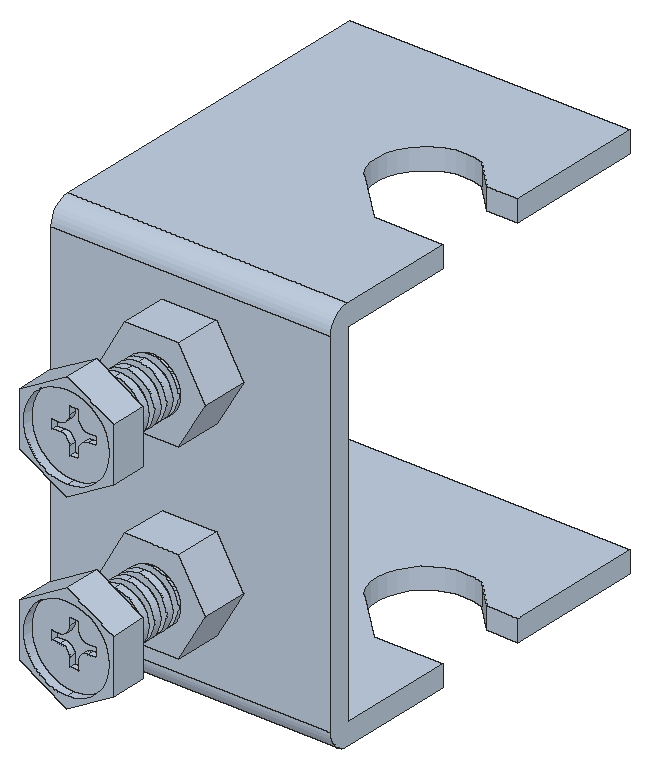
Revit family "CHH", category 機械設備, Revit 2020
Family settings
  丸型コネクタ寸法 = 直径を使用
  パーツ タイプ = 標準
  OmniClass 番号 = 23.75.00.00
  OmniClass タイトル = Climate Control (HVAC)
  作業面ベース = いいえ
  常に垂直 = はい
  ロード時にボイドで切り取り = いいえ
  共有 = いいえ
  部屋計算ポイント = いいえ
Parameters (values of type "ﾁｬﾝﾈﾙﾎﾙﾀﾞｰ(両ねじ) C38x1.2")
  ﾅｯﾄ ﾏﾃﾘｱﾙ = 電気亜鉛メッキ
  ﾁｬﾝﾈﾙﾎﾙﾀﾞｰ ﾏﾃﾘｱﾙ = 溶融亜鉛メッキ
  野縁受けt = 1.2 mm
  既定の高さ = 0 mm
  Mﾋﾞｽ ﾏﾃﾘｱﾙ = 電気亜鉛メッキ
Types (3, lengths in mm): name | 野縁受けt
  (no name) | 1.2
  ﾁｬﾝﾈﾙﾎﾙﾀﾞｰ(両ねじ) C38x1.2 | 1.2
  ﾁｬﾝﾈﾙﾎﾙﾀﾞｰ(両ねじ) C38x1.6 | 1.6
Reference planes
  plane 1 "中心(正面/背面)": y = 0
  plane 2: z = 0
  plane 3 "中心(左/右)": x = 0
  plane 4: x = -6.676
  plane 5: z = 30.3
  plane 6: z = 10
  plane 7: z = -2.3
  plane 8: z = 40.3
  plane 9: y = -5.7
  plane 10: y = -23.25
  plane 11: y = -20.95
  plane 12: y = 16.75
  plane 13: y = -4.5
Forms (mm)
  Extrusion 1, solid, material "溶融亜鉛メッキ" <- "ﾁｬﾝﾈﾙﾎﾙﾀﾞｰ ﾏﾃﾘｱﾙ"
    sketch origin (0, 0, 0) x (1, 0, 0) y (0, 1, 0)
      loop
        line (2.331, 4.59) -> (5.17, 1.75) -> (8.486, 1.75) -> (8.486, 16.75) -> (-21.514, 16.75) -> (-21.514, -20.95) -> (8.486, -20.95) -> (8.486, -8.25) -> (1.028, -8.25) -> (-4.242, -2.98)
        arc (-4.242, -2.98) -> (-3.773, 3.251) -> (2.331, 4.59) r 5.232
    from 38 to 40.3
  Extrusion 2, solid, material "溶融亜鉛メッキ" <- "ﾁｬﾝﾈﾙﾎﾙﾀﾞｰ ﾏﾃﾘｱﾙ"
    sketch origin (0, 0, -40.3) x (1, 0, 0) y (0, 1, 0)
      loop
        line (2.331, 4.59) -> (5.17, 1.75) -> (8.486, 1.75) -> (8.486, 16.75) -> (-21.514, 16.75) -> (-21.514, -20.95) -> (8.486, -20.95) -> (8.486, -8.25) -> (1.028, -8.25) -> (-4.242, -2.98)
        arc (-4.242, -2.98) -> (-3.773, 3.251) -> (2.331, 4.59) r 5.232
    from 38 to 40.3
  Extrusion 3, solid, material "溶融亜鉛メッキ" <- "ﾁｬﾝﾈﾙﾎﾙﾀﾞｰ ﾏﾃﾘｱﾙ"
    sketch origin (0, 0, 0) x (0, 1, 0) y (0, 0, 1)
      loop
        arc (-20.95, 40.3) -> (-22.576, 39.626) -> (-23.25, 38) r 2.3
        line (-23.25, 38) -> (-23.25, 0)
        arc (-23.25, 0) -> (-22.576, -1.626) -> (-20.95, -2.3) r 2.3
        line (-20.95, -2.3) -> (-20.95, 40.3)
    from -21.5 to 8.5
  Extrusion 4, solid, material "電気亜鉛メッキ" <- "ﾅｯﾄ ﾏﾃﾘｱﾙ"
    sketch origin (0, 0, 0) x (1, 0, 0) y (0, 0, 1)
      loop
        line (-9.563, 35.3) -> (-12.449, 30.3) -> (-9.563, 25.3) -> (-3.789, 25.3) -> (-0.902, 30.3) -> (-3.789, 35.3) -> (-9.563, 35.3)
      loop
        line (-9.563, 15) -> (-12.449, 10) -> (-9.563, 5) -> (-3.789, 5) -> (-0.902, 10) -> (-3.789, 15) -> (-9.563, 15)
    from 23.25 to 28.25
Cuts and joins
  joined: Extrusion 1, Extrusion 2, Extrusion 3
Dimensions and locks
  plane 10 to plane 11 to plane 1 "中心(正面/背面)" to plane 12 = 2.3 mm locked, 20.95 mm locked, 16.75 mm locked
  locked: plane 13 to plane 1 "中心(正面/背面)" at 4.5
  "野縁受けt": plane 9 to plane 13
  aligned and locked: level to plane 2
  aligned and locked: plane 10 to cut or joined group of Extrusion 1, Extrusion 2, Extrusion 3
  aligned and locked: plane 11 to cut or joined group of Extrusion 1, Extrusion 2, Extrusion 3
  aligned and locked: plane 12 to cut or joined group of Extrusion 1, Extrusion 2, Extrusion 3  (x2)
  aligned and locked: plane 9 to nested 2
  aligned and locked: plane 9 to nested 1
Automatic sketch dimensions
  Extrusion 1 sketch curve to plane 11 = 0 mm
  Extrusion 1 sketch curve to plane 12 = 0 mm
  Extrusion 1 sketch curve to plane 4 = 14.838 mm
  plane 4 to Extrusion 1 sketch curve = 2.434 mm
  plane 3 "中心(左/右)" to Extrusion 1 sketch curve = 0.178 mm
  plane 3 "中心(左/右)" to Extrusion 1 sketch curve = 1.028 mm
  plane 3 "中心(左/右)" to Extrusion 1 sketch curve = 2.331 mm
  Extrusion 1 sketch curve to plane 1 "中心(正面/背面)" = 1.75 mm
  Extrusion 1 sketch curve to Extrusion 1 sketch curve = 2.84 mm
  plane 3 "中心(左/右)" to Extrusion 1 sketch curve = 8.486 mm  (x2)
  Extrusion 1 sketch curve to plane 13 = 3.75 mm
  plane 13 to Extrusion 1 sketch curve = 1.52 mm
  plane 1 "中心(正面/背面)" to Extrusion 1 sketch curve = 0.179 mm
  Extrusion 2 sketch curve to plane 11 = 0 mm
  Extrusion 2 sketch curve to plane 12 = 0 mm
  Extrusion 2 sketch curve to plane 4 = 14.838 mm
  plane 4 to Extrusion 2 sketch curve = 2.434 mm
  plane 3 "中心(左/右)" to Extrusion 2 sketch curve = 0.178 mm
  plane 3 "中心(左/右)" to Extrusion 2 sketch curve = 1.028 mm
  plane 3 "中心(左/右)" to Extrusion 2 sketch curve = 2.331 mm
  Extrusion 2 sketch curve to plane 1 "中心(正面/背面)" = 1.75 mm
  Extrusion 2 sketch curve to Extrusion 2 sketch curve = 2.84 mm
  plane 3 "中心(左/右)" to Extrusion 2 sketch curve = 8.486 mm  (x2)
  Extrusion 2 sketch curve to plane 13 = 3.75 mm
  plane 13 to Extrusion 2 sketch curve = 1.52 mm
  plane 1 "中心(正面/背面)" to Extrusion 2 sketch curve = 0.179 mm
  Extrusion 3 sketch curve to plane 10 = 0 mm
  Extrusion 3 sketch curve to plane 8 = 0 mm
  Extrusion 3 sketch curve to plane 11 = 0 mm
  Extrusion 3 sketch curve to plane 7 = 0 mm
  Extrusion 4 sketch curve to plane 5 = 0 mm  (x2)
  Extrusion 4 sketch curve to plane 6 = 0 mm  (x2)
  Extrusion 4 sketch curve to plane 4 = 5.774 mm  (x2)
  Extrusion 4 sketch curve to plane 4 = 2.887 mm  (x4)
  plane 4 to Extrusion 4 sketch curve = 2.887 mm  (x4)
  Extrusion 4 sketch curve to plane 3 "中心(左/右)" = 0.902 mm  (x2)
  level to Extrusion 4 sketch curve = 5 mm
  plane 6 to Extrusion 4 sketch curve = 5 mm
  Extrusion 4 sketch curve to plane 5 = 5 mm
  plane 5 to Extrusion 4 sketch curve = 5 mm
Nested families
  nested 1: "Mﾋﾞｽ" at (-6.676, -35.7, 30.3) x (0, 0, -1) z (0, -1, 0), Mﾋﾞｽ ﾏﾃﾘｱﾙ <- "Mﾋﾞｽ ﾏﾃﾘｱﾙ", type "M6x30"
    with Mﾋﾞｽ ﾏﾃﾘｱﾙ 電気亜鉛メッキ
  nested 2: "Mﾋﾞｽ" at (-6.676, -35.7, 10) x (0, 0, -1) z (0, -1, 0), Mﾋﾞｽ ﾏﾃﾘｱﾙ <- "Mﾋﾞｽ ﾏﾃﾘｱﾙ", type "M6x30"
    with Mﾋﾞｽ ﾏﾃﾘｱﾙ 電気亜鉛メッキ
Definition of nested family "Mﾋﾞｽ"
  Parameters (values of type "M4x10")
    Mﾋﾞｽ ﾏﾃﾘｱﾙ [instance] = none
    ﾋﾞｽ 表示 = yes
    Default Elevation = 0 mm
    ねじ山 = L / 1.6 mm - 1  # 5
    Rビス = 1.2 mm
    M = M4 : M4
    L = 10 mm
  Types (7, lengths in mm): name | ねじ山 | Rビス | M | L
    M4x10 | 5 | 1.2 | M4 : M4 | 10
    M5x20 | 12 | 1.7 | M5 : M5 | 20
    M6x20 | 12 | 2.2 | M6 : M6 | 20
    M6x30 | 18 | 2.2 | M6 : M6 | 30
    M6x40 | 24 | 2.2 | M6 : M6 | 40
    M6x60 | 37 | 2.2 | M6 : M6 | 60
    M6x65 | 40 | 2.2 | M6 : M6 | 65
  Reference planes
    plane 1 "中心(正面/背面)": y = 0
    plane 2: z = 0
    plane 3 "中心(左/右)": x = 0
    plane 4: z = -10
    plane 5: z = -0.8
  Forms (mm)
    Extrusion 1, solid, material <- "Mﾋﾞｽ ﾏﾃﾘｱﾙ", visible <- "ﾋﾞｽ 表示"
      sketch origin (0, 0, 0) x (1, 0, 0) y (0, 1, 0)
        loop
          circle (0, 0) r 1.2
      from 0 to -10
  Dimensions and locks
    "L": level to plane 4
    locked: plane 2 to plane 5 at 0.8
    equal spacing: group 1, group 2, group 3, group 4, group 5  (x2)
    equal spacing: group 5, group 4, group 3, group 2, group 1
    "Rビス": radius of Extrusion 1 sketch curve
    aligned and locked: level to plane 2
    aligned and locked: nested 1 to plane 5
    aligned and locked: plane 4 to Extrusion 1
  Automatic sketch dimensions
    plane 1 "中心(正面/背面)" to Extrusion 1 sketch curve = 0 mm
    Extrusion 1 sketch curve to plane 3 "中心(左/右)" = 0 mm
  Nested families
    nested 1: "ねじ山" at (0, 0, -1.6), visible <- "ﾋﾞｽ 表示", type "ねじ山"
      with 外半径 2 mm, 内半径 1.2 mm
    nested 2: "ねじ山" at (0, 0, -3.2), visible <- "ﾋﾞｽ 表示", type "ねじ山"
      with 外半径 2 mm, 内半径 1.2 mm
    nested 3: "ねじ山" at (0, 0, -4.8), visible <- "ﾋﾞｽ 表示", type "ねじ山"
      with 外半径 2 mm, 内半径 1.2 mm
    nested 4: "ねじ山" at (0, 0, -6.4), visible <- "ﾋﾞｽ 表示", type "ねじ山"
      with 外半径 2 mm, 内半径 1.2 mm
    nested 5: "ねじ山" at (0, 0, -8), visible <- "ﾋﾞｽ 表示", type "ねじ山"
      with 外半径 2 mm, 内半径 1.2 mm
    nested 6: "M4" at (0, 0, 0), type <- "M", visible <- "ﾋﾞｽ 表示", type "M4"
  Definition of nested family "ねじ山"
    Parameters (values of type "ねじ山")
      ねじ山　ﾏﾃﾘｱﾙ = none
      Default Elevation = 0 mm
      外半径 = 内半径 + 0.8 mm  # 2.9 mm
      内半径 = 2.1 mm
      ねじ山 表示 = yes
    Reference planes
      plane 1 "中心(正面/背面)": y = 0
      plane 2: z = 0
      plane 3 "中心(左/右)": x = 0
    Forms (mm)
      Extrusion 1, solid, material <- "ねじ山　ﾏﾃﾘｱﾙ", visible <- "ねじ山 表示"
        sketch origin (0, 0, 0) x (1, 0, 0) y (0, 1, 0)
          loop
            circle (0, 0) r 2.1
          loop
            circle (0, 0) r 2.9
        from 0 to 0.8
    Dimensions and locks
      "内半径": radius of Extrusion 1 sketch curve
      "外半径": radius of Extrusion 1 sketch curve
      aligned and locked: level to plane 2
    Automatic sketch dimensions
      Extrusion 1 sketch curve to Extrusion 1 sketch curve = 0 mm  (x2)
      plane 1 "中心(正面/背面)" to Extrusion 1 sketch curve = 0 mm
      Extrusion 1 sketch curve to plane 3 "中心(左/右)" = 0 mm
  Definition of nested family "M4"
    Parameters
      Default Elevation = 0 mm
      Mﾋﾞｽ ﾏﾃﾘｱﾙ = none
      M4 = yes
    Reference planes
      plane 1 "中心(正面/背面)": y = 0
      plane 2: z = 0
      plane 3 "中心(左/右)": x = 0
    Forms (mm)
      Extrusion 1, void
        sketch origin (0, 0, -1.2) x (1, 0, 0) y (0, 1, 0)
          loop
            circle (0, 0) r 3.1
        from 3 to 4
      Extrusion 2, void
        sketch origin (0, 0, -1.2) x (1, 0, 0) y (0, 1, 0)
          loop
            line (-1.5, 0.5) -> (-2.4, 0.5) -> (-2.4, -0.5) -> (-1.5, -0.5)
            arc (-1.5, -0.5) -> (-0.793, -0.793) -> (-0.5, -1.5) r 1
            line (-0.5, -1.5) -> (-0.5, -2.4) -> (0.5, -2.4) -> (0.5, -1.5)
            arc (0.5, -1.5) -> (0.793, -0.793) -> (1.5, -0.5) r 1
            line (1.5, -0.5) -> (2.4, -0.5) -> (2.4, 0.5) -> (1.5, 0.5)
            arc (1.5, 0.5) -> (0.793, 0.793) -> (0.5, 1.5) r 1
            line (0.5, 1.5) -> (0.5, 2.4) -> (-0.5, 2.4) -> (-0.5, 1.5)
            arc (-0.5, 1.5) -> (-0.793, 0.793) -> (-1.5, 0.5) r 1
        from 2.3 to 4
      Extrusion 3, solid, material <- "Mﾋﾞｽ ﾏﾃﾘｱﾙ", visible <- "M4"
        sketch origin (0, 0, 0) x (1, 0, 0) y (0, 1, 0)
          loop
            line (-2.021, 3.5) -> (-4.041, 0) -> (-2.021, -3.5) -> (2.021, -3.5) -> (4.041, 0) -> (2.021, 3.5) -> (-2.021, 3.5)
        from 0 to 2.8
    Cuts and joins
      Extrusion 1, Extrusion 2 cuts Extrusion 3
    Dimensions and locks
      aligned and locked: level to plane 2
